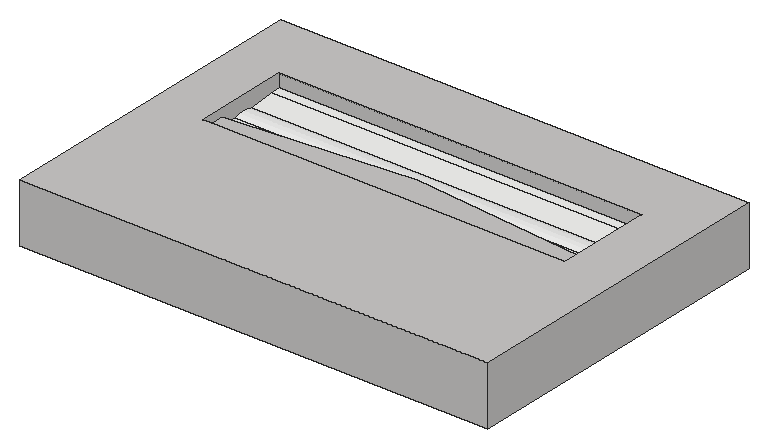
Revit family "Seat_Cover_Dispenser-Bobrick-Fino_Collection-B-9221_Series", category Specialty Equipment, host Face, Revit 2021
Family settings
  Host = Face
  Round Connector Dimension = Use Diameter
  Part Type = Normal
  OmniClass Number = 23.40.20.21
  OmniClass Title = Toilet and Bath Specialties
  Cut with Voids When Loaded = No
  Shared = Yes
  Room Calculation Point = No
Parameters (values of type "B-9221")
  Width = 2"  # constant formula
  Warranty Information = "5-Year Limited Warranty — In addition to Bobrick’s one-year guarantee, Bobrick extends a limited 5-year warranty from the\r\ndate of purchase on all parts for model B-9221."  # constant formula
  URL = "http://www.bobrick.com/"
  Type Comments = "Provide a 5'' (125mm) minimum clearance from bottom of dispenser to top of any horizontal projection to provide room for filling dispenser from bottom."
  Mounting Height = if(ADA, 28 1/2", 48")  # 28 1/2"
  Model = "B-9221"
  Material = "Stainless Steel-Bobrick-Satin"
  Manufacturer = "Bobrick"  # constant formula
  Length = 15 13/16"  # constant formula
  Installation Type = "Surface Mounted"  # constant formula
  Height = 11"  # constant formula
  Finish = Stainless Steel-Bobrick-Satin
  Description = "Surface-Mounted Seat-Cover Dispenser"  # constant formula
  Default Elevation = 0"
  Creation Date = "02/10/2025"  # constant formula
  Capacity = "250 toilet seat covers or one box."  # constant formula
  Assembly Code = "C1030200"
  ADA Compliant = if(ADA, 1 > 0, 1 < 0)  # yes
  ADA = yes
Types (3): name | Model | Material | Finish
  (no name) | "B-9221" | "Stainless Steel-Bobrick-Satin" | Stainless Steel-Bobrick-Satin
  B-9221 | "B-9221" | "Stainless Steel-Bobrick-Satin" | Stainless Steel-Bobrick-Satin
  B-9221.MBLK | "B-9221.MBLK" | "Stainless Steel-Bobrick-Matte Black" | Stainless Steel-Bobrick-Matte Black
Reference planes (in)
  plane 1 "Center (Front/Back)": y = 0
  plane 2: z = 0
  plane 3 "Center (Left/Right)": x = 0
  plane 4: y = -11
  plane 5: x = -7.90625
  plane 6: x = 7.90625
  plane 7: y = -2.25
  plane 8: x = -4.40625
  plane 9: x = 4.40625
  plane 10: y = -4.5
  plane 11: z = 2
  plane 12 "FL": y = -28.5
Forms (in)
  Extrusion 1, solid, material "Stainless Steel-Bobrick-Satin" <- "Finish"
    sketch origin (0, 0, 0) x (1, 0, 0) y (0, 1, 0)
      loop
        line (-7.90625, 0) -> (-7.90625, -11) -> (7.90625, -11) -> (7.90625, 0) -> (-7.90625, 0)
      loop
        line (-6.15198, -2.25) -> (-6.15198, -5.5) -> (6.09802, -5.5) -> (6.09802, -2.25) -> (-6.15198, -2.25)
    from 0 to 2
  Extrusion 2, solid, material "Stainless Steel-Bobrick-Satin"
    sketch origin (0, 0, 0) x (1, 0, 0) y (0, 1, 0)
      loop
        line (-6.54463, -4.72521) -> (-6.54463, -6.85021) -> (6.54463, -6.85021) -> (6.54463, -4.72521)
        arc (6.54463, -4.72521) -> (0, -4.125) -> (-6.54463, -4.72521) r 35.98096
    from 1.60076 to 1.74795
  Extrusion 3, solid, material "Plastic-Bobrick-White"
    sketch origin (7.90625, 1.64897, 0) x (0, -1, 0) y (0, 0, -1)
      loop
        line (7.40382, -0.20614) -> (3.32425, -0.20614) -> (3.32425, -1.24932)
        arc (3.32425, -1.24932) -> (3.38906, -1.4174) -> (3.54994, -1.49847) r 0.25037
        arc (3.54994, -1.49847) -> (3.89952, -1.56845) -> (4.25585, -1.5572) r 1.55928
        arc (4.25585, -1.5572) -> (4.66714, -1.50733) -> (5.08043, -1.47845) r 8.13963
        arc (5.08043, -1.47845) -> (5.44102, -1.54256) -> (5.80161, -1.47845) r 1.0461
        arc (5.80161, -1.47845) -> (6.21459, -1.5073) -> (6.62557, -1.55712) r 8.13963
        arc (6.62557, -1.55712) -> (6.90665, -1.56272) -> (7.18024, -1.49799) r 1.11748
        arc (7.18024, -1.49799) -> (7.3397, -1.41657) -> (7.40382, -1.24939) r 0.24999
        line (7.40382, -1.24939) -> (7.40382, -0.20614)
    from -14.45088 to -1.36162
Lines and regions (in)
  Masking region 1
    outline origin (0, 0, 0) x (1, 0, 0) y (0, 0, 1)
      loop
        line (7.90625, 2) -> (-7.90625, 2) -> (-7.90625, 0) -> (7.90625, 0) -> (7.90625, 2)
Dimensions and locks (in)
  equal spacing: plane 5, plane 3 "Center (Left/Right)", plane 6
  "Length": plane 5 to plane 6
  "Height": plane 4 to plane 1 "Center (Front/Back)"
  plane 7 to plane 4 = 8 3/4"
  plane 1 "Center (Front/Back)" to plane 7 = 2 1/4"
  plane 5 to plane 8 = 3 1/2"
  plane 9 to plane 6 = 3 1/2"
  plane 10 to plane 1 "Center (Front/Back)" = 4 1/2"
  locked: plane 11 to level at 2
  "Mounting Height": plane 12 "FL" to plane 1 "Center (Front/Back)"
  aligned and locked: plane 2 to host face
  aligned and locked: level to host face
  aligned and locked: plane 5 to Extrusion 1 sketch curve
  aligned and locked: plane 6 to Extrusion 1 sketch curve
  aligned and locked: plane 4 to Extrusion 1 sketch curve
  aligned and locked: plane 1 "Center (Front/Back)" to Extrusion 1 sketch curve
  aligned and locked: Extrusion 1 sketch curve to plane 7
  aligned and locked: plane 11 to Extrusion 1
  aligned and locked: Extrusion 1 to level
  aligned and locked: Masking region 1 sketch curve to Extrusion 1  (x4)
Automatic sketch dimensions
  host sketch curve to host sketch curve = 96"  (x2)
  Extrusion 1 sketch curve to plane 8 = 1.74573"
  Extrusion 1 sketch curve to plane 9 = 1.69177"
  Extrusion 1 sketch curve to plane 10 = 1"
  Extrusion 2 sketch curve to plane 3 "Center (Left/Right)" = 0"
  Extrusion 2 sketch curve to plane 10 = 0.22521"  (x2)
  plane 5 to Extrusion 2 sketch curve = 1.36162"
  Extrusion 2 sketch curve to plane 4 = 29.10596"
  Extrusion 2 sketch curve to Extrusion 2 sketch curve = 2 1/8"
  Extrusion 1 to Extrusion 3 sketch curve = 0.20614"
  Extrusion 1 to Extrusion 3 sketch curve = 1.67527"
  Extrusion 3 sketch curve to Extrusion 3 sketch curve = 0.25037"
  Extrusion 1 to Extrusion 3 sketch curve = 0.01454"
  Extrusion 3 sketch curve to Extrusion 3 sketch curve = 0.70457"
  Extrusion 1 to Extrusion 3 sketch curve = 0.49646"
  Extrusion 3 sketch curve to Extrusion 3 sketch curve = 1.4122"
  Extrusion 1 to Extrusion 3 sketch curve = 0.45153"
  Extrusion 3 sketch curve to Extrusion 3 sketch curve = 1.34718"
  Extrusion 3 sketch curve to Extrusion 3 sketch curve = 0.36563"
  Extrusion 3 sketch curve to Extrusion 3 sketch curve = 1/4"
  Extrusion 1 to Extrusion 3 sketch curve = 0.75068"
  Extrusion 1 to Extrusion 3 sketch curve = 0.75061"
  Extrusion 3 sketch curve to Extrusion 3 sketch curve = 0.02467"
  Extrusion 3 sketch curve to Extrusion 3 sketch curve = 0"  (x4)
  Extrusion 3 sketch curve to Extrusion 3 sketch curve = 0.82458"
  Extrusion 1 to Extrusion 3 sketch curve = 0.52155"
  Extrusion 3 sketch curve to Extrusion 3 sketch curve = 0.72118"
  Extrusion 1 to Extrusion 3 sketch curve = 0.44288"
